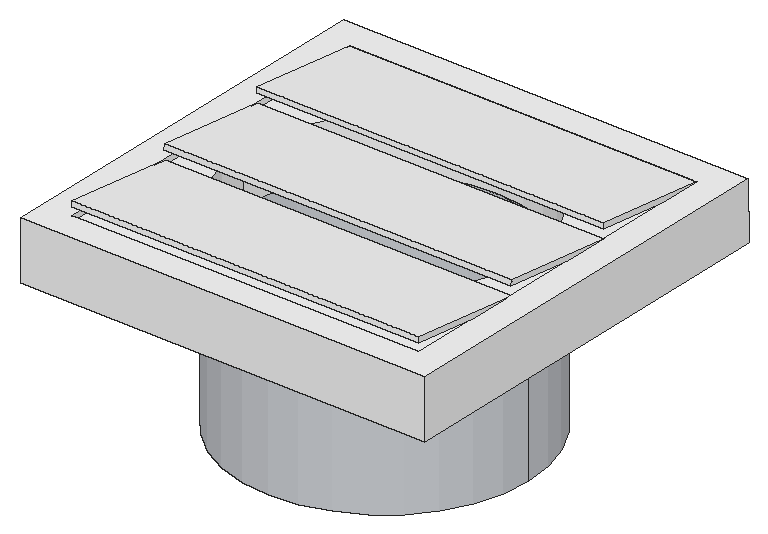
Revit family "71984001-51791101", category Air Terminals, host Face, Revit 2023
Family settings
  Host = Face
  Round Connector Dimension = Use Diameter
  Part Type = Normal
  Cut with Voids When Loaded = No
  Shared = No
  Room Calculation Point = No
Parameters (values of type "154 x 154 x 100mm Dia - Brown")
  WorkExecutionLevel = "N/A"
  WeeklyMaintenance = "N/A"
  WarrantyStartDate [instance] = "N/A"
  WarrantyPeriod = "2"
  WarrantyIdentifier = "N/A"
  WarrantyGuarantorParts = "info@airflow.com"
  WarrantyGuarantorLabor = "info@airflow.com"
  WarrantyGuarantor = "Airflow Developments Ltd"
  WarrantyEndDate [instance] = "N/A"
  WarrantyContent = "Replacement of part if faulty"
  Uniclass2015 = "Pr_65_70_46_01"
  TotalSurfaceArea [instance] = 0.0196 m²
  TagNumber [instance] = "N/A"
  Status [instance] = "New"
  Square_External_Grille_GravityFlap = CADS_AirFlow_White
  Size = "48 x 140 x 140"
  ShippingWeight = 0.0144 kg
  Shape = "Rectangular"
  ServiceLifeType = "EXPECTEDSERVICELIFE"
  ServiceLifeDuration = "10"
  SerialNumber [instance] = "N/A"
  ReplacementCost = "7.944"
  QuarterlyMaintenance = "N/A"
  QualityOfComponents = "N/A"
  ProductionYear = "2017"
  ProductLiterature = "N/A"
  PointOfContact = "Airflow Developments Ltd"
  Perimeter [instance] = 560 mm
  OutdoorEnviornment = "N/A"
  OperationAndMaintenanceManual = "N/A"
  NumberOfSlots = 3
  NominalWidth = 140 mm
  NominalLength = 48 mm
  NominalHeight = 140 mm
  NBSCode = "90-75-50/370 Air terminals;"
  MountingType = "SURFACE"
  MonthlyMaintenance = "N/A"
  ModelReference = "90002005"
  ModelLabel = "154 x 154 x 100mm dia. Gravity Flap (Brown)"
  MeanTimeBetweenFailure = "N/A"
  Material = "Plastic"
  ManufacturerWebsite = "www.airflow.com"
  ManufacturerTelephone = "01494 525252"
  ManufacturerE-Mail = "info@airflow.com"
  ManufacturerAddress = "Aidelle House\nLancaster Road\nCressex Business Park\nHigh Wycombe\nBucks\nHP123QP"
  Manufacturer = "Airflow Developments Ltd"
  MaintenanceRequired8001to12000hrs = "N/A"
  MaintenanceRequired601to1000hrs = "N/A"
  MaintenanceRequired4001to8000hrs = "N/A"
  MaintenanceRequired301to600hrs = "N/A"
  MaintenanceRequired2001to4000hrs = "N/A"
  MaintenanceRequired1001to2000hrs = "N/A"
  MaintenanceRequired0to300hrs = "N/A"
  MaintenanceLevel = "N/A"
  IsExtendedWarranty = no
  IndoorEnviornment = "N/A"
  InUseConditions = "N/A"
  ISO90001 = yes
  ISO140001 = yes
  HasThermalInsulation = no
  HasSoundAttenuator = no
  HasIntegralControl = no
  GrossWeight = 0.012 kg
  Gravity_Flap [instance] = yes
  Grade = "Virgin"
  GlobalTradeItemNumber = "N/A"
  GF = 10.00°
  FlowControlType = "DAMPER"
  Flow [instance] = 0.0 L/s
  Features [instance] = "154 x 154 x 100mm dia. Gravity Flap (Brown)"
  FaceType = "LOUVERED"
  Exclusions = "Incorrect Use / Incorrect Installation / Installed by a non-accredited electrician. Customer abuse."
  Dv = D - 2 mm  # 98 mm
  DurationUnit = "Years"
  DesignLevel = "N/A"
  Description = "154 x 154 x 100mm dia. Gravity Flap (Brown)"
  Default Elevation = 1219.2 mm
  DailyMaintenance = "N/A"
  D = 100 mm
  Constituents = "White"
  Color = "White"
  CodePerformance = "N/A"
  CEApproval = yes
  BespokeTimeFrameMaintenance = "N/A"
  B = 20 mm
  AssetType = "Fixed"
  AssetIdentifier [instance] = "N/A"
  AssemblyPlace = "N/A"
  AnnualMaintenance = "N/A"
  AirflowRateRange = "0-61"
  AccessibilityPerformance = "N/A"
  A = 140 mm
  6MonthlyMaintenance = "Visually inspect system, clean the fan and ducting if necessary"
Types (7, lengths in mm): name | TotalSurfaceArea | Size | ShippingWeight | ReplacementCost | Perimeter | NominalWidth | NominalLength | NominalHeight | ModelReference | ModelLabel | GrossWeight | Features | Dv | Description | D | Constituents | Color | A
  (no name) | 0.0196 m² | "48 x 140 x 140" | 0.0144 kg | "7.944" | 560 | 140 | 48 | 140 | "90002005" | "154 x 154 x 100mm dia. Gravity Flap (Brown)" | 0.012 kg | "154 x 154 x 100mm dia. Gravity Flap (Brown)" | 98 | "154 x 154 x 100mm dia. Gravity Flap (Brown)" | 100 | "White" | "White" | 140
  140 x 140 x 100mm Dia - White | 0.0196 m² | "48 x 140 x 140" | 0.0144 kg | "7.944" | 560 | 140 | 48 | 140 | "51791101" | "140 x 140 x 100mm dia. Gravity Flap (White)" | 0.012 kg | "140 x 140 x 100mm dia. Gravity Flap (White)" | 98 | "140 x 140 x 100mm dia. Gravity Flap (White)" | 100 | "White" | "White" | 140
  160 x 160 x 125mm Dia - White | 0.0256 m² | "39 x 160 x 160" | 0.018 kg | "11.124" | 640 | 160 | 39 | 160 | "9041468" | "160 x 160 x 125mm dia. Gravity Flap (White)" | 0.015 kg | "160 x 160 x 125mm dia. Gravity Flap (White)" | 123 | "160 x 160 x 125mm dia. Gravity Flap (White)" | 125 | "White" | "White" | 160
  180 x 180 x 150mm Dia - White | 0.0324 m² | "65 x 180 x 180" | 0.0204 kg | "14.268" | 720 | 180 | 65 | 180 | "71984001" | "180 x 180 x 150mm dia. Gravity Flap (White)" | 0.017 kg | "180 x 180 x 150mm dia. Gravity Flap (White)" | 148 | "180 x 180 x 150mm dia. Gravity Flap (White)" | 150 | "White" | "White" | 180
  187 x 187 x 150mm Dia - Brown | 0.0324 m² | "65 x 180 x 180" | 0.0204 kg | "14.268" | 720 | 180 | 65 | 180 | "90002003" | "187 x 187 x 150mm dia. Gravity Flap (Brown)" | 0.017 kg | "187 x 187 x 150mm dia. Gravity Flap (Brown)" | 148 | "187 x 187 x 150mm dia. Gravity Flap (Brown)" | 150 | "Brown" | "Brown" | 180
  154 x 154 x 100mm Dia - Black | 0.02 m² | "48 x 140 x 140" | 0.014 kg | "7.944" | 720 | 140 | 48 | 140 | "90002004" | "154 x 154 x 100mm dia. Gravity Flap (Black)" | 0.012 kg | "154 x 154 x 100mm dia. Gravity Flap (Black)" | 98 | "154 x 154 x 100mm dia. Gravity Flap (Black)" | 100 | "Black" | "Black" | 140
  154 x 154 x 100mm Dia - Brown | 0.0196 m² | "48 x 140 x 140" | 0.0144 kg | "7.944" | 560 | 140 | 48 | 140 | "90002005" | "154 x 154 x 100mm dia. Gravity Flap (Brown)" | 0.012 kg | "154 x 154 x 100mm dia. Gravity Flap (Brown)" | 98 | "154 x 154 x 100mm dia. Gravity Flap (Brown)" | 100 | "White" | "White" | 140
Reference planes
  plane 1 "Center (Front/Back)": y = 0
  plane 2: z = 0
  plane 3 "Center (Left/Right)": x = 0
  plane 4: x = -70
  plane 5: x = 70
  plane 6: y = 70
  plane 7: y = -70
  plane 8: z = 20
  plane 9: z = 18
  plane 10: z = -50
  plane 11: x = -60
  plane 12: x = 60
  plane 13: y = 60
  plane 14: y = -60
  plane 15: y = 48
  plane 16: y = 48.5
  plane 17: y = 47.5
  plane 18: y = 36
  plane 19: y = 36.5
  plane 20: y = 35.5
  plane 21: y = 24
  plane 22: y = 24.5
  plane 23: y = 23.5
  plane 24: y = 12
  plane 25: y = 12.5
  plane 26: y = 11.5
  plane 27: y = -12
  plane 28: y = -11.5
  plane 29: y = -12.5
  plane 30: y = -24
  plane 31: y = -23.5
  plane 32: y = -24.5
  plane 33: y = -36
  plane 34: y = -35.5
  plane 35: y = -36.5
  plane 36: y = -48
  plane 37: y = -47.5
  plane 38: y = -48.5
  plane 39: y = 0.5
  plane 40: y = -0.5
  plane 41: x = -1
  plane 42: x = 1
  plane 43: z = 13
  plane 44: y = 20
  plane 45: y = -20
Forms (mm)
  Extrusion 1, solid, material "CADS_AirFlow_White", detail levels medium+fine
    sketch origin (0, 0, 0) x (1, 0, 0) y (0, 1, 0)
      loop
        line (-70, 70) -> (-70, -70) -> (70, -70) -> (70, 70) -> (-70, 70)
    from 0 to 18
  Extrusion 2, solid
    sketch origin (0, 0, 0) x (1, 0, 0) y (0, 1, 0)
      loop
        circle (0, 0) r 50
    from -50 to 0
  Extrusion 3, void, detail levels medium+fine
    sketch origin (0, 0, 0) x (1, 0, 0) y (0, 1, 0)
      loop
        circle (0, 0) r 49
    from -50 to 18
  Extrusion 4, solid, material "CADS_AirFlow_White", detail levels medium+fine
    sketch origin (0, 0, 0) x (1, 0, 0) y (0, 1, 0)
      loop
        line (-70, 70) -> (-70, -70) -> (70, -70) -> (70, 70) -> (-70, 70)
      loop
        line (-60, 60) -> (-60, -60) -> (60, -60) -> (60, 60) -> (-60, 60)
    from 18 to 20
  Extrusion 5, solid, material "CADS_AirFlow_White" <- "Square_External_Grille_GravityFlap", detail levels coarse
    sketch origin (0, 0, 0) x (1, 0, 0) y (0, 1, 0)
      loop
        line (-70, 70) -> (-70, -70) -> (70, -70) -> (70, 70) -> (-70, 70)
    from 0 to 20
  Extrusion 6, solid, material "CADS_AirFlow_White" <- "Square_External_Grille_GravityFlap", visible <- "Gravity_Flap"
    sketch origin (0, 0, 0) x (0, 1, 0) y (0, 0, 1)
      loop
        line (60, 20) -> (20, 24.879) -> (19.777, 23.046) -> (59.777, 18.168) -> (60, 20)
      loop
        line (20, 19.837) -> (-20, 24.716) -> (-20.223, 22.884) -> (19.777, 18.005) -> (20, 19.837)
      loop
        line (-20, 19.675) -> (-60, 24.554) -> (-60.223, 22.721) -> (-20.223, 17.842) -> (-20, 19.675)
    from -60 to 60
Cuts and joins
  Extrusion 3 cuts Extrusion 2
  Extrusion 3 cuts Extrusion 1
  joined: Extrusion 1, Extrusion 4
Lines and regions (mm)
  reference lines
    curve 1: line (0, 60, 20) -> (0, 16.447, 25.312)
    curve 2: line (0, 20, 19.837) -> (0, -24.886, 25.312)
    curve 3: line (0, -20, 19.675) -> (0, -66.219, 25.312)
Dimensions and locks
  equal spacing: plane 4, plane 3 "Center (Left/Right)", plane 5
  equal spacing: plane 6, plane 1 "Center (Front/Back)", plane 7
  "A": plane 4 to plane 5
  "A": plane 6 to plane 7
  "B": plane 8 to level
  locked: plane 8 to plane 9 at 2
  locked: level to plane 10 at 50
  locked: plane 6 to plane 13 at 10
  locked: plane 14 to plane 7 at 10
  locked: plane 12 to plane 5 at 10
  locked: plane 4 to plane 11 at 10
  plane 16 to plane 15 to plane 17 = 0.5 mm locked, 0.5 mm locked
  plane 19 to plane 18 to plane 20 = 0.5 mm locked, 0.5 mm locked
  plane 22 to plane 21 to plane 23 = 0.5 mm locked, 0.5 mm locked
  plane 25 to plane 24 to plane 26 = 0.5 mm locked, 0.5 mm locked
  plane 28 to plane 27 to plane 29 = 0.5 mm locked, 0.5 mm locked
  plane 31 to plane 30 to plane 32 = 0.5 mm locked, 0.5 mm locked
  plane 34 to plane 33 to plane 35 = 0.5 mm locked, 0.5 mm locked
  plane 37 to plane 36 to plane 38 = 0.5 mm locked, 0.5 mm locked
  plane 40 to plane 1 "Center (Front/Back)" to plane 39 = 0.5 mm locked, 0.5 mm locked
  plane 41 to plane 3 "Center (Left/Right)" to plane 42 = 1 mm locked, 1 mm locked
  equal spacing: plane 1 "Center (Front/Back)", plane 27, plane 30, plane 33, plane 36, plane 14
  equal spacing: plane 1 "Center (Front/Back)", plane 24, plane 21, plane 18, plane 15, plane 13
  locked: plane 9 to plane 43 at 5
  equal spacing: plane 13, plane 44, plane 45, plane 14
  "D": diameter of Extrusion 2 sketch curve
  "Dv": diameter of Extrusion 3 sketch curve
  aligned and locked: plane 2 to host face
  aligned and locked: level to host face
  aligned and locked: Extrusion 1 sketch curve to plane 6
  aligned and locked: Extrusion 1 sketch curve to plane 5
  aligned and locked: Extrusion 2 to plane 10
  aligned and locked: level to Extrusion 2
  aligned and locked: Extrusion 1 to level
  aligned and locked: plane 9 to Extrusion 1
  aligned and locked: Extrusion 2 to Extrusion 3
  aligned and locked: plane 9 to Extrusion 3
  aligned and locked: plane 4 to Extrusion 4 sketch curve
  aligned and locked: Extrusion 4 sketch curve to plane 5
  aligned and locked: plane 11 to Extrusion 4 sketch curve
  aligned and locked: plane 14 to Extrusion 4 sketch curve
  aligned and locked: Extrusion 4 to plane 9
  aligned and locked: plane 8 to Extrusion 4
  aligned and locked: Extrusion 5 sketch curve to plane 6
  aligned and locked: plane 7 to Extrusion 5 sketch curve
  aligned and locked: plane 8 to Extrusion 5
  aligned and locked: plane 13 to curve 1
  aligned and locked: Extrusion 6 sketch curve to curve 1
  aligned and locked: Extrusion 6 sketch curve to curve 2
  aligned and locked: Extrusion 6 sketch curve to curve 3
  aligned and locked: Extrusion 6 to plane 11
  aligned and locked: plane 12 to Extrusion 6
  aligned and locked: plane 44 to curve 2
  aligned and locked: plane 45 to curve 3
Automatic sketch dimensions
  host sketch curve to host sketch curve = 2438.4 mm  (x2)
  Extrusion 1 sketch curve to plane 4 = 0 mm
  Extrusion 1 sketch curve to plane 7 = 0 mm
  Extrusion 4 sketch curve to plane 12 = 0 mm
  Extrusion 4 sketch curve to plane 7 = 0 mm
  Extrusion 4 sketch curve to plane 13 = 0 mm
  Extrusion 4 sketch curve to plane 6 = 0 mm
  Extrusion 5 sketch curve to plane 4 = 0 mm
  Extrusion 5 sketch curve to plane 5 = 0 mm
  curve 1 to plane 8 = 0 mm
  curve 2 to plane 32 = 0.386 mm
  plane 7 to curve 3 = 3.781 mm
  curve 1 to plane 44 = 3.553 mm
  curve 2 to plane 8 = 0.163 mm
  curve 3 to plane 8 = 0.325 mm
  plane 8 to curve 2 = 5.312 mm
  plane 8 to curve 3 = 5.312 mm
  plane 8 to curve 1 = 5.312 mm
  Extrusion 6 sketch curve to plane 14 = 0 mm
  Extrusion 6 sketch curve to plane 45 = 0 mm  (x2)
  Extrusion 6 sketch curve to plane 44 = 0 mm  (x2)
  Extrusion 6 sketch curve to plane 8 = 0 mm
  Extrusion 6 sketch curve to plane 14 = 0.223 mm
  Extrusion 6 sketch curve to plane 45 = 0.223 mm
  Extrusion 6 sketch curve to plane 44 = 0.223 mm
  plane 1 "Center (Front/Back)" to Extrusion 2 sketch curve = 0 mm
  Extrusion 2 sketch curve to plane 3 "Center (Left/Right)" = 0 mm
  plane 1 "Center (Front/Back)" to Extrusion 3 sketch curve = 0 mm
  Extrusion 3 sketch curve to plane 3 "Center (Left/Right)" = 0 mm
Connectors
  hvac at (0, 0, 0), driven by "D", driven by "Flow"
    settings: on cut or joined group of Extrusion 2, Extrusion 3, index 1, duct flow 0.0 L/s, flow factor 0, pres drop 0.0 Pa, loss coef 0, conn angle 0.00°, conn width 304.8 mm, conn height 304.8 mm, conn diameter 100 mm, duct sys type 4, conn prof type 0, flow config 0, flow direction 2, loss method 0, conn ref index -1, conn util no, is conn primary yes, conn desc ""
